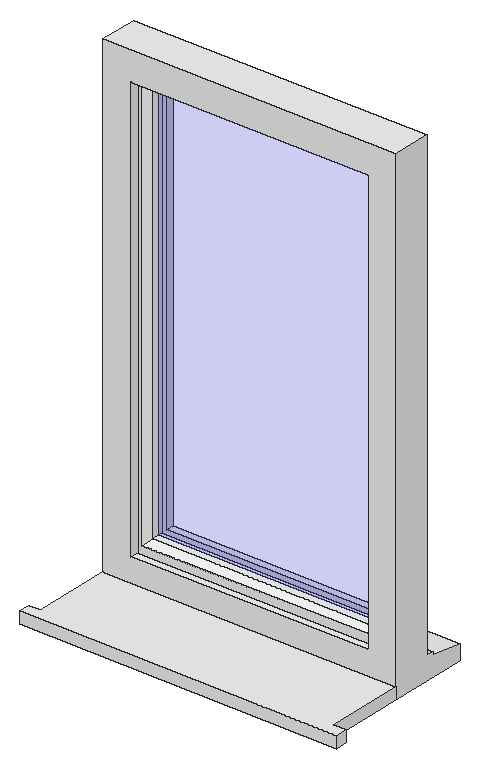
Revit family
Parameters
  Wrap Layers (Ext) from Ext = 102.5 mm
  Wrap Layers (Int) from Ext = 177.5 mm
  Window Board Projection = 25.0 mm
  Window Board Extension = 25.0 mm
  Vis - Cavity Closers = yes
  Rough Width = Width  # 630.0 mm
  Rough Height = Height  # 1050.0 mm
  Material Trim = Window Frame
  Material Glass = Glass
  Material Frame = Window Frame
  Manufacturer = "Revit"
  Height = 1050.0 mm
  Wall Closure = (empty or 0)
  Width = 630.0 mm
  Glazing Thickness = 24.0 mm
  FrameOffset - External = 50.0 mm
  Frame Depth = 65.0 mm
  Default Head Height = 2110.0 mm
  Cill Depth = 87.5 mm
  Cavity Closer Width = 50.0 mm
  Cavity Closer Offset from Ext = 102.5 mm
  Cavity Closer Depth = 85.0 mm
Reference planes
  plane 1: y = 0
  plane 2 "Center (Left/Right)": x = 0
  plane 3 "Left": x = -315
  plane 4 "Right": x = 315
  plane 5 "Cill": z = 1060
  plane 6 "Head": z = 2110
  plane 7 "Exterior": y = 158.457
  plane 8 "Interior": y = -141.543
  plane 9 "Back of Window": y = 43.457
  plane 10 "Wall Closure": y = 55.957
  plane 11 "Front Cill": y = 195.957
  plane 12 "Front Window Board": y = -166.543
  plane 13 "RHS Window Board": x = 340
  plane 14 "LHS Window Board": x = -340
  plane 15 "Ext Leaf Back": y = 55.957
  plane 16 "Face Window": y = 108.457
  plane 17: y = -19.043
Forms (mm)
  Extrusion 1, solid, material "Window Frame" <- "Material Trim", detail levels medium+fine
    sketch origin (0, 0, 1060) x (0, -1, 0) y (-1, 0, 0)
      loop
        line (141.543, 340) -> (141.543, 315) -> (-25.457, 315) -> (-25.457, -315) -> (141.543, -315) -> (141.543, -340) -> (166.543, -340) -> (166.543, 340) -> (141.543, 340)
    from 0 to -25
  Extrusion 2, solid, material "Window Frame" <- "Material Frame"
    sketch origin (0, 0, 0) x (0, 1, 0) y (0, 0, 1)
      loop
        line (25.457, 1060) -> (195.957, 1060) -> (195.957, 1093.809) -> (123.457, 1104.745) -> (123.457, 1109.688) -> (108.457, 1111) -> (108.457, 1123) -> (43.457, 1123) -> (43.457, 1135) -> (25.457, 1135) -> (25.457, 1060)
    from 315 to -315
  Sweep 3, solid, material "Window Frame" <- "Material Frame"
    path origin (0, 43.457, 0) x (1, 0, 0) y (0, 0, 1)
      loop
        line (-315, 1123) -> (-315, 2110) -> (315, 2110) -> (315, 1123)
    profile origin (0, 0, 1616.5) x (-1, 0, 0) y (0, -1, 0)
      loop
        line (315, -25.457) -> (255, -25.457) -> (255, -43.457) -> (275, -43.457) -> (275, -108.457) -> (315, -108.457) -> (315, -25.457)
  Sweep 4, solid, material "Window Frame" <- "Material Frame"
    path origin (0, 108.457, 0) x (1, 0, 0) y (0, 0, 1)
      loop
        line (275, 2070) -> (-275, 2070) -> (-275, 1123) -> (275, 1123) -> (275, 2070)
    profile origin (0, 0, 1596.5) x (0, -1, 0) y (1, 0, 0)
      loop
        line (-108.457, -285) -> (-108.457, -275) -> (-43.457, -275) -> (-43.457, -245.148) -> (-57.949, -235) -> (-72.457, -235) -> (-72.457, -245) -> (-96.457, -245) -> (-96.457, -235) -> (-114.23, -235) -> (-120.004, -252.446) -> (-120.004, -274.215) -> (-114.23, -285) -> (-108.457, -285)
  Extrusion 5, solid, material "Glass" <- "Material Glass"
    sketch origin (245, 96.457, 2040) x (-1, 0, 0) y (0, 0, -1)
      loop
        line (0, 887) -> (0, 0) -> (490, 0) -> (490, 887) -> (0, 887)
    from 0 to 24
Cuts and joins
  joined: Extrusion 2, Sweep 3
Lines and regions (mm)
  Opening 1
    outline origin (-5000, -141.543, 0) x (1, 0, 0) y (0, 0, 1)
      loop
        line (5315, 2110) -> (4685, 2110) -> (4685, 1060) -> (5315, 1060) -> (5315, 2110)
  symbolic lines, style "Windows", detail levels coarse
    curve 1: line (235, 0, 1163) -> (235, 0, 2030)
    curve 2: line (235, 0, 2030) -> (-235, 0, 2030)
    curve 3: line (-235, 0, 2030) -> (-235, 0, 1163)
    curve 4: line (-235, 0, 1163) -> (235, 0, 1163)
    curve 5: line (285, 0, 2080) -> (285, 0, 1113)
    curve 6: line (285, 0, 1113) -> (-285, 0, 1113)
    curve 7: line (-285, 0, 1113) -> (-285, 0, 2080)
    curve 8: line (-285, 0, 2080) -> (285, 0, 2080)
    curve 9: line (-290, 0, 1093.809) -> (290, 0, 1093.809)
  symbolic lines, style "Windows"
    curve 10: line (-315, 25.457, 0) -> (315, 25.457, 0)
    curve 11: line (-315, 108.457, 0) -> (-315, 25.457, 0)
    curve 12: line (315, 108.457, 0) -> (-315, 108.457, 0)
    curve 13: line (315, 25.457, 0) -> (315, 108.457, 0)
    curve 14: line (-255, 25.457, 0) -> (-255, 108.457, 0)
    curve 15: line (255, 25.457, 0) -> (255, 108.457, 0)
    curve 16: line (-255, 66.957, 0) -> (255, 66.957, 0)
  symbolic lines, style "Cavity Closer", visible <- "Vis - Cavity Closers", detail levels medium+fine
    curve 17: line (-315, 55.957, 0) -> (-365, 55.957, 0)
    curve 18: line (-315, -29.043, 0) -> (-315, 55.957, 0)
    curve 19: line (-365, -29.043, 0) -> (-315, -29.043, 0)
    curve 20: line (-365, 55.957, 0) -> (-365, -29.043, 0)
    curve 21: line (-315, -29.043, 0) -> (-365, 55.957, 0)
    curve 22: line (-365, -29.043, 0) -> (-315, 55.957, 0)
    curve 23: line (315, 55.957, 0) -> (365, 55.957, 0)
    curve 24: line (315, -29.043, 0) -> (315, 55.957, 0)
    curve 25: line (365, -29.043, 0) -> (315, -29.043, 0)
    curve 26: line (365, 55.957, 0) -> (365, -29.043, 0)
    curve 27: line (315, -29.043, 0) -> (365, 55.957, 0)
    curve 28: line (365, -29.043, 0) -> (315, 55.957, 0)
  symbolic lines, style "Elevation Swing"
    curve 29: line (-235, 0, 2030) -> (235, 0, 1596.5)
    curve 30: line (-235, 0, 1163) -> (235, 0, 1596.5)
  symbolic lines, style "WindowsSillHeadProjection"
    curve 31: line (315, 195.957, 0) -> (-315, 195.957, 0)
    curve 32: line (-315, 195.957, 0) -> (-315, 159.707, 0)
    curve 33: line (315, 159.707, 0) -> (315, 195.957, 0)
Text (mm)
  text "EXTERIOR" at (-1415.209, 454.062, 0), in view "Ref. Level"
  text "INTERIOR" at (-1415.209, -367.981, 0), in view "Ref. Level"
  text "Exterior" at (0, 923.751, 2943.296), in view "Right"
  text "Exterior" at (0, 1040.484, 2685.409), in view "Left"
Dimensions and locks
  equal spacing: plane 3 "Left", plane 2 "Center (Left/Right)", plane 4 "Right"
  "Width": plane 3 "Left" to plane 4 "Right"
  "Height": plane 5 "Cill" to plane 6 "Head"
  "Default Head Height": plane 6 "Head" to level
  locked: plane 7 "Exterior" to host wall at 0
  locked: plane 8 "Interior" to host wall
  "Window Board Projection": plane 12 "Front Window Board" to plane 8 "Interior"
  "Window Board Extension": plane 14 "LHS Window Board" to plane 3 "Left"
  "Window Board Extension": plane 4 "Right" to plane 13 "RHS Window Board"
  "Cavity Closer Offset from Ext": plane 15 "Ext Leaf Back" to plane 7 "Exterior"
  "Frame Depth": plane 9 "Back of Window" to plane 16 "Face Window"
  "FrameOffset - External": plane 16 "Face Window" to plane 7 "Exterior"
  locked: Extrusion 2 sketch curve to Extrusion 2 sketch curve at 18
  Extrusion 2 sketch curve to Extrusion 2 sketch curve = 12.0 mm
  plane 16 "Face Window" to Extrusion 2 sketch curve = 15.0 mm
  Sweep 4 sketch curve to Sweep 4 sketch curve = 10.0 mm
  equal spacing: Extrusion 2, Sweep 4 sketch curve, Sweep 4 sketch curve
  equal spacing: Sweep 3, Sweep 4 sketch curve, Sweep 4 sketch curve
  Sweep 4 sketch curve to Sweep 4 sketch curve = 17.774 mm
  "Glazing Thickness": Sweep 4 sketch curve to Sweep 4 sketch curve
  equal spacing: curve 12, curve 16, curve 10
  "Cavity Closer Depth": curve 17 to curve 19
  "Cavity Closer Width": curve 20 to plane 3 "Left"
  "Cavity Closer Depth": curve 23 to curve 25
  "Cavity Closer Width": plane 4 "Right" to curve 26
  "Cill Depth": plane 16 "Face Window" to plane 11 "Front Cill"
  equal spacing: curve 4, curve 30, curve 2
  "Glazing Thickness": Extrusion 5 to Extrusion 5
  "Wrap Layers (Ext) from Ext": plane 10 "Wall Closure" to plane 7 "Exterior"
  "Wrap Layers (Int) from Ext": plane 17 to plane 7 "Exterior"
  aligned and locked: plane 3 "Left" to Extrusion 1 sketch curve
  aligned and locked: Extrusion 1 sketch curve to plane 8 "Interior"  (x2)
  aligned and locked: Extrusion 1 sketch curve to plane 13 "RHS Window Board"
  aligned and locked: Extrusion 1 to plane 12 "Front Window Board"
  aligned and locked: plane 14 "LHS Window Board" to Extrusion 1 sketch curve
  aligned and locked: plane 9 "Back of Window" to Extrusion 2 sketch curve
  aligned and locked: plane 16 "Face Window" to Extrusion 2 sketch curve
  aligned and locked: plane 11 "Front Cill" to Extrusion 2 sketch curve
  aligned and locked: Extrusion 2 sketch curve to plane 5 "Cill"
  aligned and locked: plane 3 "Left" to Extrusion 2
  aligned and locked: Extrusion 2 to plane 4 "Right"
  aligned and locked: plane 16 "Face Window" to Sweep 3 sketch curve
  aligned and locked: Extrusion 1 to Extrusion 2
  aligned and locked: Sweep 4 sketch curve to Sweep 4 sketch curve
  aligned and locked: Sweep 4 sketch curve to plane 9 "Back of Window"
  aligned and locked: Sweep 4 to curve 1
  aligned and locked: curve 2 to Sweep 4
  aligned and locked: curve 3 to Sweep 4
  aligned and locked: curve 5 to Sweep 4
  aligned and locked: curve 6 to Sweep 4
  aligned and locked: curve 7 to Sweep 4
  aligned and locked: curve 8 to Sweep 4
  aligned and locked: Extrusion 2 to curve 9
  aligned and locked: Sweep 3 to curve 14
  aligned and locked: curve 15 to Sweep 3
  aligned and locked: plane 3 "Left" to nested 1
  aligned and locked: curve 18 to plane 3 "Left"
  aligned and locked: plane 4 "Right" to nested 2
  aligned and locked: curve 24 to plane 4 "Right"
  aligned and locked: curve 4 to Sweep 4
  aligned and locked: curve 31 to cut or joined group of Extrusion 2, Sweep 3
  aligned and locked: curve 32 to cut or joined group of Extrusion 2, Sweep 3
  aligned and locked: cut or joined group of Extrusion 2, Sweep 3 to curve 33
  aligned and locked: nested 2 to plane 15 "Ext Leaf Back"
  aligned and locked: plane 15 "Ext Leaf Back" to curve 23
  aligned and locked: nested 1 to plane 15 "Ext Leaf Back"
  aligned and locked: plane 15 "Ext Leaf Back" to curve 17
Automatic sketch dimensions
  Extrusion 1 sketch curve to plane 4 "Right" = 0.0 mm
  plane 9 "Back of Window" to Extrusion 1 sketch curve = 18.0 mm
  Extrusion 1 sketch curve to plane 12 "Front Window Board" = 0.0 mm
  Extrusion 2 sketch curve to Extrusion 2 sketch curve = 33.809 mm
  Extrusion 2 sketch curve to Extrusion 2 sketch curve = 15.879 mm
  Extrusion 2 sketch curve to Extrusion 2 sketch curve = 4.943 mm
  Extrusion 2 sketch curve to plane 5 "Cill" = 63.0 mm
  Extrusion 2 sketch curve to Extrusion 2 sketch curve = 12.0 mm
  Sweep 3 sketch curve to plane 3 "Left" = 0.0 mm
  Sweep 3 sketch curve to plane 4 "Right" = 0.0 mm
  Sweep 3 sketch curve to plane 6 "Head" = 0.0 mm
  Sweep 3 sketch curve to plane 5 "Cill" = 63.0 mm  (x2)
  Sweep 3 sketch curve to profile plane = 0.0 mm
  profile plane to Sweep 3 sketch curve = 40.0 mm
  plane 9 "Back of Window" to Sweep 3 sketch curve = 18.0 mm
  Sweep 3 sketch curve to Sweep 3 sketch curve = 20.0 mm
  Sweep 3 sketch curve to plane 9 "Back of Window" = 0.0 mm
  Sweep 4 sketch curve to plane 3 "Left" = 40.0 mm
  plane 4 "Right" to Sweep 4 sketch curve = 40.0 mm
  Sweep 4 sketch curve to plane 5 "Cill" = 63.0 mm
  plane 6 "Head" to Sweep 4 sketch curve = 40.0 mm
  Sweep 4 sketch curve to plane 16 "Face Window" = 0.0 mm
  Sweep 4 sketch curve to profile plane = 0.0 mm
  Sweep 4 sketch curve to plane 16 "Face Window" = 5.774 mm
  Sweep 4 sketch curve to profile plane = 40.0 mm
  Sweep 4 sketch curve to Sweep 4 sketch curve = 14.493 mm
  profile plane to Sweep 4 sketch curve = 10.0 mm
  Sweep 4 sketch curve to profile plane = 0.785 mm
  Sweep 4 sketch curve to Sweep 4 sketch curve = 17.446 mm
  Sweep 4 sketch curve to Sweep 4 sketch curve = 10.148 mm
  plane 4 "Right" to Extrusion 5 sketch curve = 70.0 mm
  Extrusion 5 sketch curve to plane 3 "Left" = 70.0 mm
  plane 6 "Head" to Extrusion 5 sketch curve = 70.0 mm
  Extrusion 5 sketch curve to plane 5 "Cill" = 93.0 mm
  curve 12 to plane 3 "Left" = 0.0 mm
  curve 13 to plane 4 "Right" = 0.0 mm
  curve 12 to plane 16 "Face Window" = 0.0 mm
  curve 10 to host wall = 17.0 mm
  host wall to curve 32 = 1.25 mm
  host wall to curve 33 = 1.25 mm
  curve 5 to curve 9 = 5.0 mm
  curve 9 to curve 6 = 5.0 mm
  Opening 1 sketch curve to plane 3 "Left" = 0.0 mm
  Opening 1 sketch curve to plane 4 "Right" = 0.0 mm
  Opening 1 sketch curve to plane 5 "Cill" = 0.0 mm
  Opening 1 sketch curve to plane 6 "Head" = 0.0 mm
Nested families
  nested 1: "UK_Cavity Closer" at (-365, 55.957, 0), visible <- "Vis - Cavity Closers", type "UK_Cavity Closer", detail levels medium+fine
  nested 2: "UK_Cavity Closer" at (365, 55.957, 0) x (-1, 0, 0) z (0, 0, 1), visible <- "Vis - Cavity Closers", type "UK_Cavity Closer", detail levels medium+fine
Definition of nested family "UK_Cavity Closer"
  Parameters
    Closer Width = 50.0 mm
    Closer Depth = 75.0 mm
  Reference planes
    plane 1 "Center (Front/Back)": y = 0
    plane 2: z = 0
    plane 3 "Center (Left/Right)": x = 0
    plane 4: x = 50, in view "Ref. Level"
    plane 5: y = -75, in view "Ref. Level"
  Lines and regions (mm)
    Masking region 1, in view "Ref. Level"
      outline origin (0, 0, 0) x (1, 0, 0) y (0, 1, 0)
        loop
          line (0, 0) -> (0, -75) -> (50, -75) -> (50, 0) -> (0, 0)
  Dimensions and locks
    "Closer Width": plane 3 "Center (Left/Right)" to plane 4
    "Closer Depth": plane 5 to plane 1 "Center (Front/Back)"
  Automatic sketch dimensions
    Masking region 1 sketch curve to plane 3 "Center (Left/Right)" = 0.0 mm
    Masking region 1 sketch curve to plane 4 = 0.0 mm
    Masking region 1 sketch curve to plane 5 = 0.0 mm
    Masking region 1 sketch curve to plane 1 "Center (Front/Back)" = 0.0 mm
